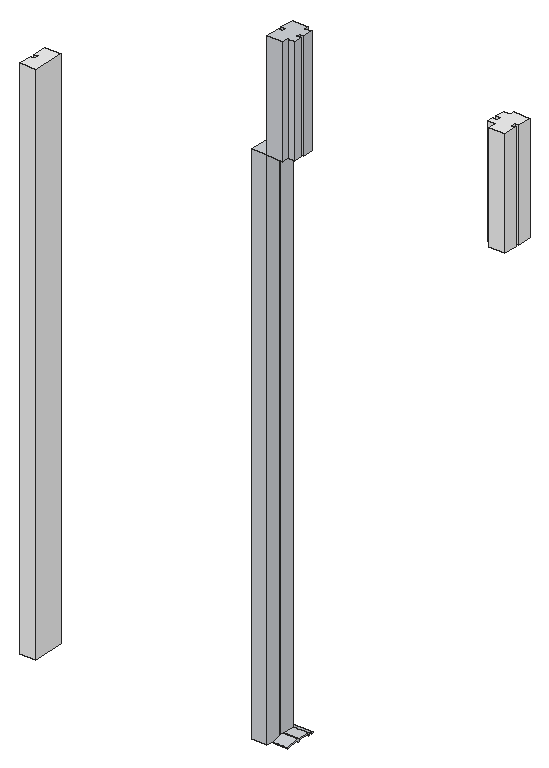
Revit family "kawneer-350ir_entrance 01_17319", category Doors, host Wall, Revit 2015
Parameters (values of type "(2)3'-0"W X 8'H W 2'TRANS")
  Width = -0' - 2 1/2"
  Wall Closure = By host
  URL = ""
  Type Comments = ""
  Transom Height = 1' - 5"
  Rough Width = (Width * 2) + 0' 5"  # 0' - 0"
  Rough Height = Height + Transom Height  # 8' - 5"
  Product data url = "https://bimobject.com/kawneerna/product/17196"
  Model = ""
  Manufacturer = ""
  Horizontal Frame Length = Rough Width - 0' 5"  # -0' - 5"
  Height = 7' - 0"
  Glazing Finish = Glass
  Function = Interior
  Frame Finish = none
  Description = ""
  INSET = 0' - 1"
  Assembly Code = ""
Types (2): name | Width | URL | Type Comments | Transom Height | Rough Width | Rough Height | Model | Manufacturer | Horizontal Frame Length | Frame Finish | Description | INSET | Assembly Code
  (2)3'-0"W X 7'-0"H W 1'4 TRANS | 3' - 0" | "http://www.kawneer.com/kawneer/north_america/en/product.asp?cat_id=1339&prod_id=1823" | "350 IR DOORS WITH IR 501 ENTRANCE FRAMING Hurricane Resistant (1-5/16\" INFILL)\r\n" | 1' - 4" | 6' - 5" | 8' - 4" | "350 IR WITH IR 501 ENTRANCE FRAMING" | "Kawneer" | 6' - 0" | Default | "Standard entrances that provide the extra strength for applications where more stringent code requirements include windborne debris protection.\r\n" | 0' - 2" | "B2030210"
  (2)3'-0"W X 8'H W 2'TRANS | -0' - 2 1/2" | "" | "" | 1' - 5" | 0' - 0" | 8' - 5" | "" | "" | -0' - 5" | none | "" | 0' - 1" | ""
Reference planes (in)
  plane 1: y = 0
  plane 2 "Center": x = -1.5
  plane 3 "Left": x = -1.5
  plane 4 "Right": x = -1.5
  plane 5 "Top": z = 101
  plane 6: z = 84
  plane 7 "FACE OF FRAME": y = 4.5
  plane 8: y = 0.5
  plane 9: y = 49
  plane 10 "Center Line of Door": y = 2.75
  plane 11: x = 1
  plane 12: x = -4
Forms (in)
  Extrusion 1, solid
    sketch origin (0, 4.5, 0) x (1, 0, 0) y (0, 0, 1)
      loop
        line (-2.12481, 99.27422) -> (-2.12481, 85.87519) -> (-0.87519, 85.87519) -> (-0.87519, 99.27422) -> (-2.12481, 99.27422)
    from 2.2695 to 2.8415
  Extrusion 2, solid, material <- "Frame Finish"
    sketch origin (-1.5, 0, 0) x (0, 1, 0) y (0, 0, 1)
      loop
        line (5.31775, 0.05047) -> (5.31775, 0) -> (5.50525, 0) -> (5.50525, 0.09375) -> (4.58338, 0.4375) -> (2.56775, 0.4375) -> (2.56775, 0.5) -> (2.38025, 0.5) -> (0.50525, 0.09375) -> (0.50525, 0) -> (0.69275, 0) -> (0.69275, 0.04299) -> (2.31581, 0.33226) -> (2.474, 0.33226) -> (2.474, 0) -> (2.56775, 0) -> (2.56775, 0.3125) -> (4.599, 0.3125) -> (4.599, 0) -> (4.69275, 0) -> (4.69275, 0.28352) -> (5.31775, 0.05047)
    from 2.5 to -2.5
Lines and regions (in)
  Opening 1
    outline origin (-90, -5.5, 0) x (1, 0, 0) y (0, 0, 1)
      loop
        line (88.5, 0) -> (88.5, 0)
      loop
        line (88.5, 0) -> (88.5, 101) -> (88.5, 101) -> (88.5, 0)
  symbolic lines, style "DoorsFrameMullionProjection"
    curve 1: line (-1.5, 4.5, 0) -> (1, 4.5, 0)
    curve 2: line (-1.5, -0.5, 0) -> (-1.5, 4.5, 0)
    curve 3: line (1, -0.5, 0) -> (-1.5, -0.5, 0)
    curve 4: line (1, 4.5, 0) -> (1, -0.5, 0)
    curve 5: line (-4, 4.5, 0) -> (-1.5, 4.5, 0)
    curve 8: line (-1.5, 4.5, 0) -> (-1.5, -0.5, 0)
    curve 14: line (-1.5, 4.5, 0) -> (-4, 4.5, 0)
  symbolic lines, style "DoorsPanelProjection"
    curve 6: line (-4, -0.5, 0) -> (-4, 4.5, 0)
    curve 7: line (-1.5, -0.5, 0) -> (-4, -0.5, 0)
  symbolic lines, style "Doors"
    curve 9: line (1, 4.5, 0) -> (2.75, 4.5, 0)
    curve 10: line (1, 49, 0) -> (1, 4.5, 0)
    curve 11: line (2.75, 49, 0) -> (1, 49, 0)
    curve 12: line (2.75, 4.5, 0) -> (2.75, 49, 0)
    curve 15: line (-4, 4.5, 0) -> (-5.75, 4.5, 0)
    curve 16: line (-4, 49, 0) -> (-4, 4.5, 0)
    curve 17: line (-5.75, 49, 0) -> (-4, 49, 0)
    curve 18: line (-5.75, 4.5, 0) -> (-5.75, 49, 0)
    curve 31: line (1, 4.5, 0) -> (2.75, 4.5, 0)
  symbolic lines, style "Plan Swing"
    curve 13: arc (-1.49306, 51.49306, 0) -> (-0.76286, 49.7302, 0) -> (1, 49, 0) r 2.49306
    curve 19: arc (-1.50694, 4.49653, 0) -> (-26.28662, 25.42995, 0) -> (-4, 49, 0) r 22.32157
  model lines, style "Elevation Swing"
    curve 20: line (-1.5, 4.5, 0) -> (-4, 4.5, 42)
    curve 21: line (-1.5, 4.5, 84) -> (1, 4.5, 42)
    curve 22: line (-1.5, 4.5, 0) -> (1, 4.5, 42)
    curve 23: line (-1.5, 4.5, 84) -> (-5.20713, 4.5, 43.50604)
  model lines, style "DoorsGlassProjection"
    curve 24: line (-33.65575, 2.07163, 0) -> (-5.34425, 2.07163, 0)
    curve 25: line (-5.34425, 2.64748, 0) -> (-33.65575, 2.64748, 0)
    curve 26: line (2.34425, 2.07163, 0) -> (-7.84425, 2.07163, 0)
    curve 27: line (-7.84425, 3.64748, 0) -> (2.34425, 3.64748, 0)
    curve 32: line (-5.34425, 2.07163, 0) -> (-33.65575, 2.07163, 0)
    curve 33: line (-33.65575, 2.64748, 0) -> (-5.34425, 2.64748, 0)
  symbolic lines
    curve 28: line (-7.59375, 2.70625, 0) -> (-7.59375, 2.65625, 0)
    curve 34: line (-5.09375, 2.65625, 0) -> (-5.09375, 2.71925, 0)
  model lines, style "DoorsPanelProjection"
    curve 29: line (2.34425, 2.07163, 0) -> (-7.84425, 2.07163, 0)
    curve 30: line (-7.84425, 3.64748, 0) -> (2.34425, 3.64748, 0)
    curve 35: line (-5.34425, 2.07163, 0) -> (-33.65575, 2.07163, 0)
    curve 36: line (-33.65575, 2.64748, 0) -> (-5.34425, 2.64748, 0)
Text (in)
  text "Exterior" at (-58.67754, 27.31104, 0), in view "Floor Line"
  text "Interior" at (-58.34764, -25.14366, 0), in view "Floor Line"
  text "Exterior" at (0, 40.15149, 123.01588), in view "Right"
  text "Interior" at (0, -64.39139, 123.01588), in view "Right"
  text "Interior" at (0, -31.01599, 123.00693), in view "Left"
  text "Exterior" at (0, 54.57065, 123.00693), in view "Left"
Dimensions and locks (in)
  "Rough Width": plane 3 "Left" to plane 4 "Right"
  host wall to plane 5 "Top" = 8' - 5"
  "Height": level to plane 6
  "INSET": host wall to plane 7 "FACE OF FRAME"
  locked: plane 8 to plane 7 "FACE OF FRAME" at 4
  locked: plane 7 "FACE OF FRAME" to plane 9 at 44.5
  locked: curve 10 to curve 12 at 1.75
  locked: plane 10 "Center Line of Door" to plane 7 "FACE OF FRAME" at 1.75
  equal spacing: level, curve 20, plane 6
  equal spacing: level, curve 22, plane 6
  locked: plane 12 to plane 4 "Right" at 2.5
  locked: plane 3 "Left" to plane 11 at 2.5
  equal spacing: plane 3 "Left", plane 2 "Center", plane 4 "Right"
  "Transom Height": plane 6 to plane 5 "Top"
  plane 12 to plane 2 "Center" to plane 11 = 0' - 2 1/2", 0' - 2 1/2"
  aligned and locked: plane 3 "Left" to Opening 1 sketch curve
  aligned and locked: plane 5 "Top" to Opening 1 sketch curve  (x2)
  aligned and locked: Opening 1 sketch curve to plane 4 "Right"
  aligned and locked: Opening 1 sketch curve to level
  aligned and locked: nested 2 to plane 7 "FACE OF FRAME"
  aligned and locked: nested 1 to plane 7 "FACE OF FRAME"
  aligned and locked: nested 2 to Extrusion 1 sketch curve
  aligned and locked: Extrusion 1 sketch curve to nested 1
  aligned and locked: plane 4 "Right" to nested 2
  aligned and locked: plane 11 to curve 4
  aligned and locked: plane 3 "Left" to nested 1
  aligned and locked: Extrusion 2 to plane 12
  aligned and locked: plane 11 to Extrusion 2
  aligned and locked: nested 1 to plane 5 "Top"
  aligned and locked: nested 3 to level
  aligned and locked: nested 2 to level
  aligned and locked: nested 4 to plane 6
Automatic sketch dimensions
  plane 5 "Top" to Extrusion 1 sketch curve = 0' - 1.72578"
  curve 18 to plane 9 = 0' - 0"
  curve 16 to plane 12 = 0' - 0"
  curve 8 to plane 4 "Right" = 0' - 0"
  curve 1 to plane 7 "FACE OF FRAME" = 0' - 0"
  curve 10 to plane 9 = 0' - 0"
  plane 10 "Center Line of Door" to curve 34 = 0' - 0.03075"
  curve 24 to curve 34 = 0' - 0.2505"
  plane 7 "FACE OF FRAME" to curve 19 = 0' - 0.00347"
  curve 19 to plane 2 "Center" = 0' - 0.00694"
  plane 2 "Center" to curve 13 = 0' - 0.00694"
  curve 26 to curve 28 = 0' - 0.2505"
  plane 12 to curve 15 = 0' - 1 3/4"
  plane 8 to curve 2 = 0' - 1"
  plane 10 "Center Line of Door" to curve 28 = 0' - 0.04375"
  curve 23 to plane 2 "Center" = 0' - 0"
  curve 23 to plane 6 = 0' - 0"
  curve 22 to level = 0' - 0"
  curve 21 to plane 11 = 0' - 0"
  curve 22 to plane 2 "Center" = 0' - 0"
  curve 20 to plane 12 = 0' - 0"
  plane 12 to curve 23 = 0' - 1.20713"
  curve 23 to curve 20 = 0' - 1.50604"
  level to Extrusion 2 sketch curve = 0' - 0 3/32"  (x2)
  Extrusion 2 sketch curve to host wall = 0' - 0.50525"
  Extrusion 2 sketch curve to level = 0' - 0"  (x4)
  Extrusion 2 sketch curve to Extrusion 2 sketch curve = 0' - 0 3/16"  (x2)
  plane 10 "Center Line of Door" to Extrusion 2 sketch curve = 0' - 0.43419"
  Extrusion 2 sketch curve to Extrusion 2 sketch curve = 0' - 0.06444"
  plane 10 "Center Line of Door" to Extrusion 2 sketch curve = 0' - 0.276"
  Extrusion 2 sketch curve to Extrusion 2 sketch curve = 0' - 0 3/32"  (x2)
  Extrusion 2 sketch curve to Extrusion 2 sketch curve = 0' - 0"
  Extrusion 2 sketch curve to plane 7 "FACE OF FRAME" = 0' - 0.08338"
  Extrusion 2 sketch curve to plane 7 "FACE OF FRAME" = 0' - 0.099"
  level to Extrusion 2 sketch curve = 0' - 0.05047"
  Extrusion 2 sketch curve to Extrusion 2 sketch curve = 0' - 0 5/8"
  level to Extrusion 2 sketch curve = 0' - 0 11/256"
  level to Extrusion 2 sketch curve = 0' - 0.28352"
  Extrusion 2 sketch curve to Extrusion 2 sketch curve = 0' - 0.02898"
  Extrusion 2 sketch curve to Extrusion 2 sketch curve = 0' - 0.01977"
  Extrusion 2 sketch curve to Extrusion 2 sketch curve = 0' - 0 1/8"
  Extrusion 2 sketch curve to Extrusion 2 sketch curve = 0' - 0.16773"
  curve 34 to curve 34 = 0' - 0.063"
  curve 28 to curve 28 = 0' - 0.05"
  curve 32 to plane 2 "Center" = 0' - 3.84425"
  curve 36 to curve 24 = 0' - 0"
  curve 27 to curve 26 = 0' - 0"
  curve 33 to curve 24 = 0' - 0"
  curve 24 to curve 36 = 0' - 0.57585"
  plane 7 "FACE OF FRAME" to curve 30 = 0' - 0.85252"
  curve 30 to curve 15 = 0' - 2.09425"
  curve 29 to curve 27 = 0' - 0"
  plane 10 "Center Line of Door" to curve 33 = 0' - 0.10252"
  curve 33 to curve 26 = 2' - 1.8115"
  curve 27 to curve 9 = 0' - 0.40575"
  plane 10 "Center Line of Door" to curve 29 = 0' - 0.67837"
  Extrusion 1 sketch curve to plane 6 = 0' - 1.87519"
Nested families (in)
  nested 1: "Kawneer-350IR_Entrance_pg01 - Detail 8" at (-1.5, 2, 84) x (-1, 0, 0) z (0, 0, 1), type "Detail 8"
    with Frame Height 1' - 5"
  nested 2: "Kawneer-350IR_Entrance_pg01 - Detail 4" at (-1.5, 2, 0) x (-1, 0, 0) z (0, 0, 1), type "Detail 4"
  nested 3: "Kawneer-350IR_Entrance_pg01 - Detail 6" at (-40, 1, 0) x (-1, 0, 0) z (0, 0, 1), type "Detail 6"
  nested 4: "Kawneer-350IR_Entrance_pg01 - Detail 7" at (37, 1, 84), type "Detail 7"
    with Frame Height 1' - 5"
Definition of nested family "Kawneer-350IR_Entrance_pg01 - Detail 8"
  Parameters
    Frame Height = 2' - 0"
    Frame Finish = none
    Assembly Code = ""
  Reference planes (in)
    plane 1 "Center (Front/Back)": y = 0
    plane 2: z = 0
    plane 3 "Center (Left/Right)": x = 0
  Forms (in)
    Extrusion 1, solid, material <- "Frame Finish"
      sketch origin (0, 0, 0) x (1, 0, 0) y (0, 1, 0)
        loop
          line (0, -2.5) -> (0, -0.28125) -> (-0.62481, -0.28125) -> (-0.62481, 0.28125) -> (0, 0.28125) -> (0, 2.5) -> (-2.5, 2.5) -> (-2.5, 1.48646) -> (-3.625, 1.48646) -> (-3.625, 0.28125) -> (-3, 0.28125) -> (-3, -0.28125) -> (-3.625, -0.28125) -> (-3.625, -1.83354) -> (-2.5, -1.83354) -> (-2.5, -2.5) -> (0, -2.5)
      from 0 to 24
  Dimensions and locks (in)
    "Frame Height": Extrusion 1 to level
    equal spacing: Extrusion 1 sketch curve, plane 1 "Center (Front/Back)", Extrusion 1 sketch curve
    Extrusion 1 sketch curve to Extrusion 1 sketch curve = 0' - 0 9/16"
    aligned: Extrusion 1 sketch curve to Extrusion 1 sketch curve
  Automatic sketch dimensions
    Extrusion 1 sketch curve to plane 3 "Center (Left/Right)" = 0' - 0"  (x2)
    Extrusion 1 sketch curve to Extrusion 1 sketch curve = 0' - 2 1/2"
    plane 1 "Center (Front/Back)" to Extrusion 1 sketch curve = 0' - 2 1/2"
    Extrusion 1 sketch curve to plane 1 "Center (Front/Back)" = 0' - 2 1/2"
    Extrusion 1 sketch curve to plane 3 "Center (Left/Right)" = 0' - 0.62481"
    Extrusion 1 sketch curve to Extrusion 1 sketch curve = 0' - 1 1/8"  (x2)
    Extrusion 1 sketch curve to Extrusion 1 sketch curve = 0' - 0"
    Extrusion 1 sketch curve to Extrusion 1 sketch curve = 0' - 0 5/8"
    Extrusion 1 sketch curve to Extrusion 1 sketch curve = 0' - 1.55229"
    Extrusion 1 sketch curve to plane 1 "Center (Front/Back)" = 0' - 1.48646"
    plane 1 "Center (Front/Back)" to Extrusion 1 sketch curve = 0' - 0 9/32"
    Extrusion 1 sketch curve to Extrusion 1 sketch curve = 0' - 0.66646"
Definition of nested family "Kawneer-350IR_Entrance_pg01 - Detail 4"
  Parameters
    Frame Height = 7' - 0"
    Frame Finish = none
    Assembly Code = ""
  Reference planes (in)
    plane 1 "Center (Front/Back)": y = 0
    plane 2: z = 0
    plane 3 "Center (Left/Right)": x = 0
  Forms (in)
    Extrusion 1, solid, material <- "Frame Finish"
      sketch origin (0, 0, 0) x (-1, 0, 0) y (0, -1, 0)
        loop
          line (0, 2.5) -> (-2.5, 2.5) -> (-2.5, -2.5) -> (0, -2.5) -> (0, -0.28125) -> (-0.62481, -0.28125) -> (-0.62481, 0.28125) -> (0, 0.28125) -> (0, 2.5)
      from 0 to 84
  Dimensions and locks (in)
    "Frame Height": Extrusion 1 to level
  Automatic sketch dimensions
    Extrusion 1 sketch curve to plane 3 "Center (Left/Right)" = 0' - 0"  (x2)
    Extrusion 1 sketch curve to Extrusion 1 sketch curve = 0' - 0.62481"
    Extrusion 1 sketch curve to Extrusion 1 sketch curve = 0' - 2 1/2"
    Extrusion 1 sketch curve to plane 1 "Center (Front/Back)" = 0' - 2 1/2"
    plane 1 "Center (Front/Back)" to Extrusion 1 sketch curve = 0' - 2 1/2"
    Extrusion 1 sketch curve to plane 1 "Center (Front/Back)" = 0' - 0 9/32"
    plane 1 "Center (Front/Back)" to Extrusion 1 sketch curve = 0' - 0 9/32"
Definition of nested family "Kawneer-350IR_Entrance_pg01 - Detail 6"
  Parameters
    Frame Height = 7' - 0"
    Frame Finish = none
    Assembly Code = ""
  Reference planes (in)
    plane 1 "Center (Front/Back)": y = 0
    plane 2: z = 0
    plane 3 "Center (Left/Right)": x = 0
  Forms (in)
    Extrusion 1, solid, material <- "Frame Finish"
      sketch origin (0, 0, 0) x (1, 0, 0) y (0, 1, 0)
        loop
          line (0, -2.5) -> (0, -0.28125) -> (-0.62481, -0.28125) -> (-0.62481, 0.28125) -> (0, 0.28125) -> (0, 2.5) -> (-2.5, 2.5) -> (-2.5, -2.5) -> (0, -2.5)
      from 0 to 84
  Dimensions and locks (in)
    "Frame Height": Extrusion 1 to level
  Automatic sketch dimensions
    Extrusion 1 sketch curve to plane 3 "Center (Left/Right)" = 0' - 0"  (x2)
    Extrusion 1 sketch curve to Extrusion 1 sketch curve = 0' - 2 1/2"
    plane 1 "Center (Front/Back)" to Extrusion 1 sketch curve = 0' - 2 1/2"
    Extrusion 1 sketch curve to plane 1 "Center (Front/Back)" = 0' - 2 1/2"
    Extrusion 1 sketch curve to plane 3 "Center (Left/Right)" = 0' - 0.62481"
    plane 1 "Center (Front/Back)" to Extrusion 1 sketch curve = 0' - 0 9/32"
    Extrusion 1 sketch curve to plane 1 "Center (Front/Back)" = 0' - 0 9/32"
Definition of nested family "Kawneer-350IR_Entrance_pg01 - Detail 7"
  Parameters
    Frame Height = 2' - 0"
    Frame Finish = none
    Assembly Code = ""
  Reference planes (in)
    plane 1 "Center (Front/Back)": y = 0
    plane 2: z = 0
    plane 3 "Center (Left/Right)": x = 0
  Forms (in)
    Extrusion 1, solid, material <- "Frame Finish"
      sketch origin (0, 0, 0) x (1, 0, 0) y (0, 1, 0)
        loop
          line (0, -2.5) -> (0, -0.28125) -> (-0.62481, -0.28125) -> (-0.62481, 0.28125) -> (0, 0.28125) -> (0, 2.5) -> (-2.5, 2.5) -> (-2.5, 1.29225) -> (-3.625, 1.29225) -> (-3.625, 0.28125) -> (-3, 0.28125) -> (-3, -0.28125) -> (-3.625, -0.28125) -> (-3.625, -1.83354) -> (-2.5, -1.83354) -> (-2.5, -2.5) -> (0, -2.5)
      from 0 to 24
  Dimensions and locks (in)
    Extrusion 1 sketch curve to Extrusion 1 sketch curve = 0' - 0 9/16"
    "Frame Height": Extrusion 1 to level
    locked: Extrusion 1 sketch curve to Extrusion 1 sketch curve at 0.5625
    equal spacing: Extrusion 1 sketch curve, plane 1 "Center (Front/Back)", Extrusion 1 sketch curve
    aligned and locked: Extrusion 1 sketch curve to Extrusion 1 sketch curve  (x2)
  Automatic sketch dimensions
    Extrusion 1 sketch curve to plane 3 "Center (Left/Right)" = 0' - 0"  (x2)
    Extrusion 1 sketch curve to plane 3 "Center (Left/Right)" = 0' - 0.62481"
    Extrusion 1 sketch curve to Extrusion 1 sketch curve = 0' - 1.87519"  (x2)
    Extrusion 1 sketch curve to Extrusion 1 sketch curve = 0' - 0 1/2"
    Extrusion 1 sketch curve to Extrusion 1 sketch curve = 0' - 1 1/8"  (x2)
    plane 1 "Center (Front/Back)" to Extrusion 1 sketch curve = 0' - 2 1/2"
    Extrusion 1 sketch curve to Extrusion 1 sketch curve = 0' - 0.66646"
    Extrusion 1 sketch curve to Extrusion 1 sketch curve = 0' - 1.011"
    Extrusion 1 sketch curve to Extrusion 1 sketch curve = 0' - 2 7/32"
